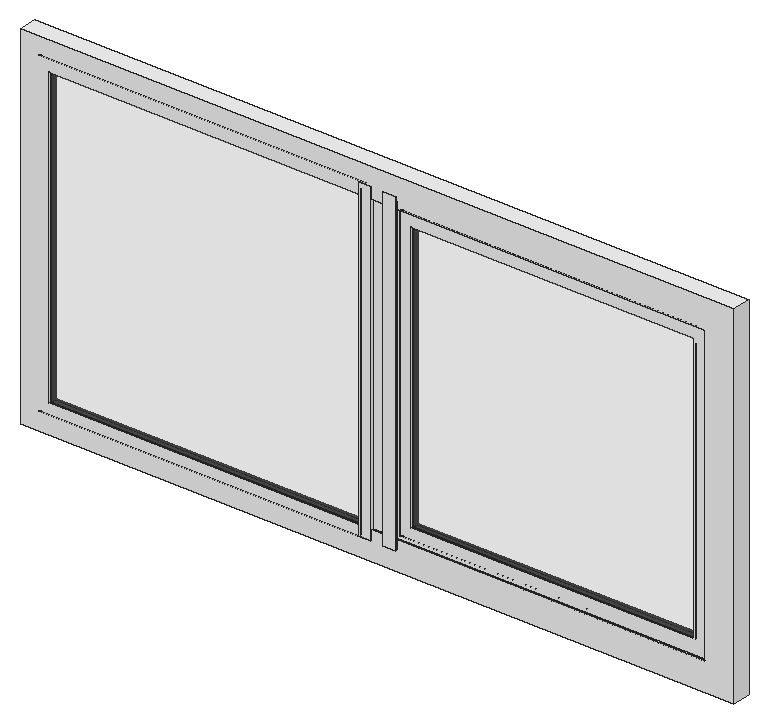
Revit family
Parameters (values of type "TH-PT1206")
  Height = 590 mm
  Head Height = 2125 mm
  Default Sill Height = Head Height - Height  # 1535 mm
  Wall Closure = (empty or 0)
  Width = 1190 mm
Types (3, lengths in mm): name | Width
  (no name) | 1190
  TH-PT1206 | 1190
  TH-PT1506 | 1490
Reference planes
  plane 1 "Center (Front/Back)": y = 0
  plane 2 "Center (Left/Right)": x = 0
  plane 3 "Left": x = -595
  plane 4 "Right": x = 595
  plane 5 "Sill": z = 1535
  plane 6 "Head": z = 2125
  plane 7 "Exterior": y = 100
  plane 8 "Interior": y = -100
  plane 9: y = -30.5
  plane 10: x = 0
Forms (mm)
  Sweep 1, solid, material "Default Frame"
    path origin (0, 100, 0) x (1, 0, 0) y (0, 0, 1)
      loop
        line (595, 2125) -> (-595, 2125) -> (-595, 1535) -> (595, 1535) -> (595, 2125)
    profile origin (0, 100, 2125) x (0, 0, -1) y (0, -1, 0)
      loop
        line (0, 115.25) -> (0, 84.75) -> (30.58, 84.75) -> (30.58, 87.464) -> (28.08, 86.021) -> (28.08, 113.85) -> (39.575, 113.85) -> (39.575, 111.85) -> (46.275, 111.85)
        arc (46.275, 111.85) -> (46.875, 111.25) -> (47.475, 111.85) r 0.6
        line (47.475, 111.85) -> (47.475, 115.25) -> (0, 115.25)
  Extrusion 2, solid, material "Glass"
    sketch origin (-45.36, -3.5, 26.772) x (1, 0, 0) y (0, 0, 1)
      loop
        line (28.76, 2065.028) -> (-516.4, 2065.028) -> (-516.4, 1541.428) -> (28.76, 1541.428) -> (28.76, 2065.028)
    from 0 to 3
  Sweep 3, solid, material "Default Frame"
    path origin (-95.36, -108, -50) x (1, 0, 0) y (0, 0, -1)
      loop
        line (107.36, -2170.4) -> (107.36, -1589.6) -> (-495, -1589.6) -> (-495, -2170.4) -> (107.36, -2170.4)
    profile origin (-289.18, -108, 2120.4) x (0, 0, 1) y (0, 1, 0)
      loop
        line (-25.08, 99.735) -> (-24.578, 94.997)
        arc (-24.578, 94.997) -> (-24.261, 94.736) -> (-23.98, 95.035) r 0.3
        line (-23.98, 95.035) -> (-23.98, 121.263) -> (-25.98, 120.536) -> (-25.98, 122.735) -> (-27.439, 122.735) -> (-40.407, 109.637) -> (-40.407, 108.637) -> (-28.6, 108.637) -> (-28.6, 109.637) -> (-25.08, 109.637) -> (-25.08, 99.735)
  Sweep 4, solid, material "Rubber seal"
    path origin (-95.36, -108, -50) x (1, 0, 0) y (0, 0, -1)
      loop
        line (107.36, -2170.4) -> (107.36, -1589.6) -> (-495, -1589.6) -> (-495, -2170.4) -> (107.36, -2170.4)
    profile origin (-289.18, -108, 2120.4) x (0, 0, 1) y (0, 1, 0)
      loop
        line (-41.398, 108.637) -> (-45.535, 104.5) -> (-35.029, 104.5) -> (-35.029, 108.637) -> (-41.398, 108.637)
      loop
        line (-45.535, 101.5) -> (-42.255, 96.75) -> (-35.029, 96.75) -> (-35.029, 101.5) -> (-45.535, 101.5)
  Sweep 5, solid, material "Default Frame"
    path origin (-2000, 111.07, 1819.513) x (0, 0, -1) y (1, 0, 0)
      loop
        line (253.933, 2025) -> (-274.907, 2025)
    profile origin (25, 111.07, 1830) x (-1, 0, 0) y (0, -1, 0)
      loop
        line (-5.9, 126.32) -> (-5.9, 122.92)
        arc (-5.9, 122.92) -> (-5.3, 122.32) -> (-4.7, 122.92) r 0.6
        line (-4.7, 122.92) -> (2, 122.92) -> (2, 124.92) -> (13.5, 124.92) -> (13.5, 97.096) -> (11, 98.54) -> (11, 95.82) -> (39, 95.82) -> (39, 98.54) -> (36.5, 97.096) -> (36.5, 124.92) -> (48, 124.92) -> (48, 122.92) -> (54.7, 122.92)
        arc (54.7, 122.92) -> (55.3, 122.32) -> (55.9, 122.92) r 0.6
        line (55.9, 122.92) -> (55.9, 126.32) -> (34.5, 126.32) -> (34.5, 122.14) -> (15.5, 122.14) -> (15.5, 126.32) -> (-5.9, 126.32)
  Extrusion 6, solid, material "Glass"
    sketch origin (0, 0.5, 49.421) x (-1, 0, 0) y (0, 0, -1)
      loop
        line (-39.22, -2019.699) -> (-39.22, -1541.419) -> (-539.12, -1541.419) -> (-539.12, -2019.699) -> (-39.22, -2019.699)
    from 0 to 3
  Sweep 7, solid, material "Default Frame"
    path origin (50, -100, -50) x (-1, 0, 0) y (0, 0, 1)
      loop
        line (16.66, 2125) -> (-495, 2125) -> (-495, 1634.96) -> (16.66, 1634.96) -> (16.66, 2125)
    profile origin (289.17, -100, 2075) x (0, 0, -1) y (0, 1, 0)
      loop
        line (2.36, 95.735) -> (2.36, 105.637) -> (5.88, 105.637) -> (5.88, 104.637) -> (17.687, 104.637) -> (17.687, 105.637) -> (4.719, 118.735) -> (3.26, 118.735) -> (3.26, 116.536) -> (1.26, 117.263) -> (1.26, 91.035)
        arc (1.26, 91.035) -> (1.541, 90.736) -> (1.858, 90.997) r 0.3
        line (1.858, 90.997) -> (2.36, 95.735)
  Sweep 8, solid, material "Default Frame"
    path origin (65.29, -100, -65.29) x (-1, 0, 0) y (0, 0, 1)
      loop
        line (47.2, 2155.58) -> (-495, 2155.58) -> (-495, 1635) -> (47.2, 1635) -> (47.2, 2155.58)
    profile origin (289.19, -100, 2090.29) x (0, 0, -1) y (0, 1, 0)
      loop
        line (4.865, 88.75) -> (35.445, 88.75) -> (35.445, 92.15)
        arc (35.445, 92.15) -> (34.845, 92.75) -> (34.245, 92.15) r 0.6
        line (34.245, 92.15) -> (27.545, 92.15) -> (27.545, 90.15) -> (16.05, 90.15) -> (16.05, 117.979) -> (18.55, 116.536) -> (18.55, 119.25) -> (-12.03, 119.25) -> (-12.03, 115.85)
        arc (-12.03, 115.85) -> (-11.43, 115.25) -> (-10.83, 115.85) r 0.6
        line (-10.83, 115.85) -> (-4.13, 115.85) -> (-4.13, 117.85) -> (7.37, 117.85) -> (7.37, 90.018) -> (4.865, 91.464) -> (4.865, 88.75)
  Sweep 9, solid, material "Rubber seal"
    path origin (105.869, -99, 5.869) x (-1, 0, 0) y (0, 0, 1)
      loop
        line (128.409, 2125) -> (-495, 2125) -> (-495, 1523.231) -> (128.409, 1523.231) -> (128.409, 2125)
    profile origin (289.165, -99, 2130.869) x (0, 0, -1) y (0, 1, 0)
      loop
        line (74.579, 103.637) -> (68.209, 103.637) -> (68.209, 99.5) -> (78.715, 99.5) -> (74.579, 103.637)
      loop
        line (78.715, 96.5) -> (68.209, 96.5) -> (68.209, 91.75) -> (75.435, 91.75) -> (78.715, 96.5)
Lines and regions (mm)
  Opening 1
    outline origin (3500, -100, 0) x (1, 0, 0) y (0, 0, 1)
      loop
        line (-2905, 1535) -> (-2905, 2125) -> (-4095, 2125) -> (-4095, 1535) -> (-2905, 1535)
  symbolic lines, style "Elevation Swing"
    curve 1: line (572.32, 38.5, 2102.32) -> (289.19, 38.5, 1557.68)
    curve 2: line (289.19, 38.5, 1557.68) -> (6.043, 38.5, 2102.337)
Text (mm)
  text "EXTERIOR" at (-1963.203, 1332.353, 0), in view "Ref. Level"
  text "INTERIOR" at (-1981.466, -818.386, 0), in view "Ref. Level"
  text "Exterior" at (0, 923.751, 2943.296), in view "Right"
  text "Exterior" at (0, 1040.484, 2685.409), in view "Left"
Dimensions and locks
  equal spacing: plane 3 "Left", plane 2 "Center (Left/Right)", plane 4 "Right"
  "Width": plane 3 "Left" to plane 4 "Right"
  "Height": plane 5 "Sill" to plane 6 "Head"
  "Default Sill Height": plane 5 "Sill" to level
  locked: plane 7 "Exterior" to host wall at 0
  locked: plane 8 "Interior" to host wall
  locked: Sweep 3 sketch curve to Sweep 1 at 4.6
  locked: Sweep 1 to Sweep 3 sketch curve at 4.6
  locked: Sweep 4 sketch curve to Sweep 1 at 4.6
  locked: Sweep 1 to Sweep 4 sketch curve at 4.6
  locked: Sweep 5 to Sweep 4 sketch curve at 26
  locked: plane 10 to plane 4 "Right" at 595
  Sweep 8 sketch curve to Sweep 1 = 4.13 mm
  Sweep 8 sketch curve to Sweep 5 = 4.09 mm
  locked: plane 10 to Sweep 5 sketch curve at 25
  locked: Sweep 3 sketch curve to Sweep 1 at 4.64
  Extrusion 2 to plane 10 = 16.6 mm
  locked: Sweep 7 sketch curve to Sweep 8 at 3.3
  locked: Sweep 8 to Sweep 7 sketch curve at 3.3
  locked: Sweep 9 sketch curve to Sweep 1 at 5.9
  locked: Sweep 9 sketch curve to Sweep 8 at 28.6
  locked: Sweep 5 to Sweep 3 sketch curve at 26
  aligned: curve 2 to Sweep 8
Automatic sketch dimensions
  Opening 1 sketch curve to plane 3 "Left" = 0 mm
  Opening 1 sketch curve to plane 4 "Right" = 0 mm
  Opening 1 sketch curve to plane 5 "Sill" = 0 mm
  Opening 1 sketch curve to plane 6 "Head" = 0 mm
  Sweep 1 sketch curve to plane 3 "Left" = 0 mm
  Sweep 1 sketch curve to plane 4 "Right" = 0 mm
  Sweep 1 sketch curve to plane 5 "Sill" = 0 mm
  Sweep 1 sketch curve to plane 6 "Head" = 0 mm
  Sweep 1 sketch curve to profile plane = 0 mm
  Sweep 1 sketch curve to profile plane = 28.08 mm
  Sweep 1 sketch curve to Sweep 1 sketch curve = 2.5 mm
  Sweep 1 sketch curve to Sweep 1 sketch curve = 11.495 mm
  Sweep 1 sketch curve to Sweep 1 sketch curve = 6.7 mm
  Sweep 1 sketch curve to Sweep 1 sketch curve = 0.6 mm
  profile plane to Sweep 1 sketch curve = 84.75 mm
  Sweep 1 sketch curve to Sweep 1 sketch curve = 1.271 mm
  Sweep 1 sketch curve to Sweep 1 sketch curve = 2.714 mm
  Sweep 1 sketch curve to Sweep 1 sketch curve = 24.386 mm
  Sweep 1 sketch curve to Sweep 1 sketch curve = 2 mm
  Sweep 1 sketch curve to Sweep 1 sketch curve = 3.4 mm
  Extrusion 2 sketch curve to plane 3 "Left" = 33.24 mm
  Extrusion 2 sketch curve to plane 10 = 16.6 mm
  Extrusion 2 sketch curve to plane 5 "Sill" = 33.2 mm
  plane 6 "Head" to Extrusion 2 sketch curve = 33.2 mm
  profile plane to Sweep 3 sketch curve = 40.407 mm
  Sweep 3 sketch curve to Sweep 3 sketch curve = 11.806 mm
  Sweep 3 sketch curve to Sweep 3 sketch curve = 1.161 mm
  Sweep 3 sketch curve to Sweep 3 sketch curve = 1.459 mm
  Sweep 3 sketch curve to Sweep 3 sketch curve = 3.52 mm
  Sweep 3 sketch curve to Sweep 3 sketch curve = 0.502 mm
  Sweep 3 sketch curve to Sweep 3 sketch curve = 0.298 mm
  Sweep 3 sketch curve to Sweep 3 sketch curve = 0.3 mm
  profile plane to Sweep 3 sketch curve = 94.997 mm
  Sweep 3 sketch curve to Sweep 3 sketch curve = 4.738 mm
  Sweep 3 sketch curve to Sweep 3 sketch curve = 8.902 mm
  Sweep 3 sketch curve to Sweep 3 sketch curve = 1 mm  (x2)
  Sweep 3 sketch curve to Sweep 3 sketch curve = 10.899 mm
  Sweep 3 sketch curve to Sweep 3 sketch curve = 0.728 mm
  Sweep 3 sketch curve to Sweep 3 sketch curve = 2.2 mm
  Sweep 4 sketch curve to plane 3 "Left" = 4.64 mm
  profile plane to Sweep 4 sketch curve = 45.535 mm
  Sweep 4 sketch curve to Sweep 4 sketch curve = 0 mm
  Sweep 4 sketch curve to Sweep 4 sketch curve = 3.28 mm
  Sweep 4 sketch curve to Sweep 4 sketch curve = 4.137 mm  (x2)
  Sweep 4 sketch curve to Sweep 4 sketch curve = 6.37 mm
  Sweep 4 sketch curve to Sweep 4 sketch curve = 7.226 mm
  profile plane to Sweep 4 sketch curve = 96.75 mm
  Sweep 4 sketch curve to Sweep 4 sketch curve = 4.75 mm
  Sweep 4 sketch curve to Sweep 4 sketch curve = 3 mm
  plane 6 "Head" to Sweep 5 sketch curve = 30.58 mm
  Sweep 5 sketch curve to plane 5 "Sill" = 30.58 mm
  profile plane to Sweep 5 sketch curve = 5.9 mm
  Sweep 5 sketch curve to Sweep 5 sketch curve = 0.6 mm  (x2)
  Sweep 5 sketch curve to profile plane = 2 mm
  Sweep 5 sketch curve to profile plane = 11 mm
  Sweep 5 sketch curve to Sweep 5 sketch curve = 2 mm  (x3)
  Sweep 5 sketch curve to Sweep 5 sketch curve = 19 mm
  Sweep 5 sketch curve to Sweep 5 sketch curve = 2.5 mm  (x2)
  Sweep 5 sketch curve to Sweep 5 sketch curve = 6.7 mm
  profile plane to Sweep 5 sketch curve = 95.82 mm
  Sweep 5 sketch curve to Sweep 5 sketch curve = 1.276 mm  (x2)
  Sweep 5 sketch curve to Sweep 5 sketch curve = 2.72 mm  (x2)
  Sweep 5 sketch curve to Sweep 5 sketch curve = 0.78 mm  (x2)
  Sweep 5 sketch curve to Sweep 5 sketch curve = 3.4 mm  (x2)
  plane 4 "Right" to Extrusion 6 sketch curve = 55.88 mm
  plane 10 to Extrusion 6 sketch curve = 39.22 mm
  plane 6 "Head" to Extrusion 6 sketch curve = 55.88 mm
  Extrusion 6 sketch curve to plane 5 "Sill" = 55.84 mm
  plane 4 "Right" to Sweep 7 sketch curve = 50 mm
  plane 6 "Head" to Sweep 7 sketch curve = 50 mm
  Sweep 7 sketch curve to profile plane = 1.26 mm
  Sweep 7 sketch curve to Sweep 7 sketch curve = 0.3 mm
  Sweep 7 sketch curve to Sweep 7 sketch curve = 0.298 mm
  Sweep 7 sketch curve to profile plane = 2.36 mm
  Sweep 7 sketch curve to Sweep 7 sketch curve = 2 mm
  Sweep 7 sketch curve to Sweep 7 sketch curve = 1.459 mm
  Sweep 7 sketch curve to Sweep 7 sketch curve = 3.52 mm
  Sweep 7 sketch curve to Sweep 7 sketch curve = 11.806 mm
  profile plane to Sweep 7 sketch curve = 90.997 mm
  Sweep 7 sketch curve to Sweep 7 sketch curve = 4.738 mm
  Sweep 7 sketch curve to Sweep 7 sketch curve = 8.902 mm
  Sweep 7 sketch curve to Sweep 7 sketch curve = 1 mm  (x2)
  Sweep 7 sketch curve to Sweep 7 sketch curve = 10.899 mm
  Sweep 7 sketch curve to Sweep 7 sketch curve = 0.728 mm
  Sweep 7 sketch curve to Sweep 7 sketch curve = 2.2 mm
  plane 4 "Right" to Sweep 8 sketch curve = 34.71 mm
  Sweep 8 sketch curve to plane 5 "Sill" = 34.71 mm
  profile plane to Sweep 8 sketch curve = 12.03 mm
  Sweep 8 sketch curve to Sweep 8 sketch curve = 0.6 mm  (x2)
  profile plane to Sweep 8 sketch curve = 4.13 mm
  Sweep 8 sketch curve to profile plane = 4.865 mm
  Sweep 8 sketch curve to Sweep 8 sketch curve = 2.505 mm
  Sweep 8 sketch curve to Sweep 8 sketch curve = 8.68 mm
  Sweep 8 sketch curve to Sweep 8 sketch curve = 2.5 mm
  Sweep 8 sketch curve to Sweep 8 sketch curve = 11.495 mm
  Sweep 8 sketch curve to Sweep 8 sketch curve = 6.7 mm
  profile plane to Sweep 8 sketch curve = 88.75 mm
  Sweep 8 sketch curve to Sweep 8 sketch curve = 1.268 mm
  Sweep 8 sketch curve to Sweep 8 sketch curve = 1.4 mm
  Sweep 8 sketch curve to Sweep 8 sketch curve = 2.714 mm  (x2)
  Sweep 8 sketch curve to Sweep 8 sketch curve = 3.4 mm
  Sweep 8 sketch curve to Sweep 8 sketch curve = 24.386 mm
  Sweep 8 sketch curve to Sweep 8 sketch curve = 0.686 mm
  Sweep 8 sketch curve to Sweep 8 sketch curve = 2 mm
  Sweep 8 sketch curve to Sweep 8 sketch curve = 1.443 mm
  Sweep 9 sketch curve to plane 4 "Right" = 5.869 mm
  Sweep 9 sketch curve to plane 6 "Head" = 5.869 mm
  Sweep 9 sketch curve to profile plane = 68.209 mm
  Sweep 9 sketch curve to Sweep 9 sketch curve = 0 mm  (x2)
  Sweep 9 sketch curve to Sweep 9 sketch curve = 6.37 mm
  Sweep 9 sketch curve to Sweep 9 sketch curve = 7.226 mm
  Sweep 9 sketch curve to Sweep 9 sketch curve = 4.137 mm  (x2)
  profile plane to Sweep 9 sketch curve = 91.75 mm
  Sweep 9 sketch curve to Sweep 9 sketch curve = 4.75 mm
  Sweep 9 sketch curve to Sweep 9 sketch curve = 3 mm
  Sweep 5 sketch curve to Sweep 5 sketch curve = 26.38 mm
  Sweep 5 sketch curve to Sweep 5 sketch curve = 11.5 mm
  Sweep 5 sketch curve to Sweep 5 sketch curve = 1.4 mm
  plane 4 "Right" to curve 1 = 22.68 mm
  curve 2 to plane 5 "Sill" = 22.68 mm
  plane 10 to curve 2 = 289.19 mm
  plane 10 to curve 2 = 6.043 mm
  plane 6 "Head" to curve 1 = 22.68 mm
  plane 6 "Head" to curve 2 = 22.663 mm
